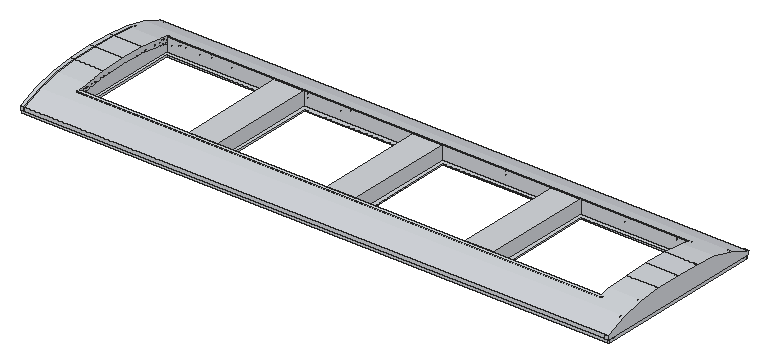
Revit family "Gira_0214327", category Electrical Fixtures, host Face, Revit 2017
Family settings
  Host = Face
  Maintain Annotation Orientation = No
  Round Connector Dimension = Use Diameter
  Part Type = Normal
  Cut with Voids When Loaded = No
  Shared = No
  Room Calculation Point = No
Parameters (values of type "Abdeckrahmen 4f Zwischenr. RW Gira Event Reinweiß m")
  Werkstoffgüte = "Thermoplast"
  Werkstoff = "Kunststoff"
  URL = "http://katalog.gira.de/de_DE/datenblatt.html?artikelnr=0214327"
  Transparent = "No"
  Textfeld/Beschriftungsfläche = "No"
  Schutzart (IP) = "IP20"
  Region = "DE"
  Oberfläche = "sonstige"
  Name = "Abdeckrahmen 4f Zwischenr. RW Gira Event Reinweiß m"
  Montagerichtung = "horizontal und vertikal"
  Mit Montagerahmen = "No"
  Mit Klappdeckel = "No"
  Manufacturer URL = "https://www.gira.de/"
  Keynote = "Event_Rahmen_4fach"
  HeinzeBIM = "https://bimportal.heinze.de/bim/abdeckrahmen-4f-zwischenr-rw-gira-event-reinweiss-m/ccef12a9f096cbb054536570f76f1c0a98bb3245"
  Halogenfrei = "Yes"
  HAN = "0214327"
  Geeignet für Unterputz-Installation = "Yes"
  Geeignet für Unterflurkanaldose = "No"
  Geeignet für Geräteeinbaukanal = "No"
  Geeignet für Einbauinstallation = "No"
  GTIN = "4010337074199"
  Farbe = "weiß"
  Default Elevation = 1219.2 mm
  Data sheet (1) = "https://katalog.gira.de/de_DE/download.html?artikelnr=0214327"
  Category = "Abdeckrahmen"
  Befestigungsart = "Klemmbefestigung"
  Available = "Yes"
  Anzahl der Einheiten vertikal = "4 "
  Anzahl der Einheiten horizontal = "4 "
  Anzahl der Einheiten = "4 "
Reference planes
  plane 1 "Center (Front/Back)": y = 0
  plane 2: z = 0
  plane 3 "Center (Left/Right)": x = 0
Forms (mm)
  Extrusion 1, solid, detail levels fine
    sketch origin (0, 0, 0.05) x (0, 1, 0) y (0, 0, 1)
      loop
        arc (12.445, 9.683) -> (6.223, 9.833) -> (0, 9.85) r 291.636
        arc (0, 9.85) -> (-6.223, 9.833) -> (-12.445, 9.683) r 291.636
        arc (-12.445, 9.683) -> (-29.14, 7.482) -> (-45, 1.823) r 79.728
        line (-45, 1.823) -> (-45, -0.05) -> (-42.086, -0.05)
        arc (-42.086, -0.05) -> (-21.385, 5.559) -> (0, 7.206) r 114.424
        arc (0, 7.206) -> (21.385, 5.559) -> (42.086, -0.05) r 114.424
        line (42.086, -0.05) -> (45, -0.05) -> (45, 1.823)
        arc (45, 1.823) -> (29.14, 7.482) -> (12.445, 9.683) r 79.728
    from -151.95 to 151.935
  Extrusion 2, void, detail levels fine
    sketch origin (0, 0, 0) x (1, 0, 0) y (0, 1, 0)
      loop
        line (134.95, 28.035) -> (-134.95, 28.035) -> (-134.95, -28.035) -> (134.95, -28.035) -> (134.95, 28.035)
    from 0.724 to 11
  Extrusion 3, solid, detail levels coarse
    sketch origin (0, 0, 0) x (1, 0, 0) y (0, 1, 0)
      loop
        line (-151.95, 45) -> (-151.95, -45) -> (151.935, -45) -> (151.935, 45) -> (-151.95, 45)
    from -1.5 to 9.9
  Extrusion 4, solid, detail levels medium
    sketch origin (0, 0, 0.05) x (0, 1, 0) y (0, 0, 1)
      loop
        arc (12.445, 9.683) -> (6.223, 9.833) -> (0, 9.85) r 291.636
        arc (0, 9.85) -> (-6.223, 9.833) -> (-12.445, 9.683) r 291.636
        arc (-12.445, 9.683) -> (-29.14, 7.482) -> (-45, 1.823) r 79.728
        line (-45, 1.823) -> (-45, -0.05) -> (45, -0.05) -> (45, 1.823)
        arc (45, 1.823) -> (29.14, 7.482) -> (12.445, 9.683) r 79.728
    from -151.95 to 151.935
  Extrusion 5, solid, detail levels fine
    sketch origin (-106.95, 0, -1.5) x (0, 1, 0) y (0, 0, -1)
      loop
        line (45, -3.373) -> (45, -1.5) -> (-45, -1.5) -> (-45, -3.373)
        arc (-45, -3.373) -> (-29.14, -9.032) -> (-12.445, -11.233) r 79.728
        arc (-12.445, -11.233) -> (-6.223, -11.383) -> (0, -11.4) r 291.636
        arc (0, -11.4) -> (6.223, -11.383) -> (12.445, -11.233) r 291.636
        arc (12.445, -11.233) -> (29.14, -9.032) -> (45, -3.373) r 79.728
    from 43 to 45
  Extrusion 6, solid, detail levels fine
    sketch origin (0, 0, 0) x (1, 0, 0) y (0, 1, 0)
      loop
        line (-132.85, 25.7) -> (-132.85, -25.7) -> (-81.05, -25.7) -> (-81.05, 25.7) -> (-132.85, 25.7)
      loop
        line (-9.755, -25.7) -> (-9.755, 25.7) -> (-61.555, 25.7) -> (-61.555, -25.7) -> (-9.755, -25.7)
      loop
        line (-135.845, 28.49) -> (-135.845, -28.495)
        spline (-135.845, -28.495) -> (-135.836, -28.625) -> (-135.811, -28.754) -> (-135.769, -28.878) -> (-135.711, -28.995) -> (-135.638, -29.104) -> (-135.552, -29.202) -> (-135.454, -29.288) -> (-135.345, -29.361) -> (-135.228, -29.419) -> (-135.104, -29.461) -> (-134.975, -29.486) -> (-134.845, -29.495)
        line (-134.845, -29.495) -> (134.845, -29.495)
        spline (134.845, -29.495) -> (134.975, -29.486) -> (135.104, -29.461) -> (135.228, -29.419) -> (135.345, -29.361) -> (135.454, -29.288) -> (135.552, -29.202) -> (135.638, -29.104) -> (135.711, -28.995) -> (135.769, -28.878) -> (135.811, -28.754) -> (135.836, -28.625) -> (135.845, -28.495)
        line (135.845, -28.495) -> (135.845, 28.49)
        spline (135.845, 28.49) -> (135.836, 28.62) -> (135.811, 28.748) -> (135.769, 28.872) -> (135.711, 28.99) -> (135.638, 29.098) -> (135.552, 29.197) -> (135.454, 29.283) -> (135.345, 29.356) -> (135.228, 29.413) -> (135.104, 29.456) -> (134.975, 29.481) -> (134.845, 29.49)
        line (134.845, 29.49) -> (-134.845, 29.49)
        spline (-134.845, 29.49) -> (-134.975, 29.481) -> (-135.104, 29.456) -> (-135.228, 29.413) -> (-135.345, 29.356) -> (-135.454, 29.283) -> (-135.552, 29.197) -> (-135.638, 29.098) -> (-135.711, 28.99) -> (-135.769, 28.872) -> (-135.811, 28.748) -> (-135.836, 28.62) -> (-135.845, 28.49)
      loop
        line (61.545, -25.7) -> (61.545, 25.7) -> (9.745, 25.7) -> (9.745, -25.7) -> (61.545, -25.7)
      loop
        line (132.85, -25.7) -> (132.85, 25.7) -> (81.05, 25.7) -> (81.05, -25.7) -> (132.85, -25.7)
    from 0.1 to 7.3
  Extrusion 7, solid
    sketch origin (0, 0, 0) x (1, 0, 0) y (0, 1, 0)
      loop
        arc (-151.65, -44.218) -> (-151.504, -44.572) -> (-151.15, -44.718) r 0.5
        line (-151.15, -44.718) -> (151.15, -44.718)
        arc (151.15, -44.718) -> (151.504, -44.572) -> (151.65, -44.218) r 0.5
        line (151.65, -44.218) -> (151.65, 44.182)
        arc (151.65, 44.182) -> (151.504, 44.535) -> (151.15, 44.682) r 0.5
        line (151.15, 44.682) -> (-151.15, 44.682)
        arc (-151.15, 44.682) -> (-151.504, 44.535) -> (-151.65, 44.182) r 0.5
        line (-151.65, 44.182) -> (-151.65, -44.218)
      loop
        line (-149.95, 42.982) -> (-149.95, -43.018) -> (149.95, -43.018) -> (149.95, 42.982) -> (-149.95, 42.982)
    from -1.5 to 0.5
  Extrusion 8, solid, detail levels fine
    sketch origin (106.935, 0, -1.5) x (0, 1, 0) y (0, 0, 1)
      loop
        arc (45, 3.373) -> (29.14, 9.032) -> (12.445, 11.233) r 79.728
        arc (12.445, 11.233) -> (6.223, 11.383) -> (0, 11.4) r 291.636
        arc (0, 11.4) -> (-6.223, 11.383) -> (-12.445, 11.233) r 291.636
        arc (-12.445, 11.233) -> (-29.14, 9.032) -> (-45, 3.373) r 79.728
        line (-45, 3.373) -> (-45, 1.5) -> (45, 1.5) -> (45, 3.373)
    from 43 to 45
  Extrusion 9, solid, detail levels medium
    sketch origin (0, 0, 0) x (1, 0, 0) y (0, 1, 0)
      loop
        line (-151.65, -44.718) -> (151.65, -44.718) -> (151.65, 44.682) -> (-151.65, 44.682) -> (-151.65, -44.718)
    from -1.5 to 0.5
  Extrusion 10, solid, detail levels fine
    sketch origin (-69.857, 0, 0) x (1, 0, 0) y (0, 1, 0)
      loop
        line (-8.943, 28.063) -> (-8.943, -27.937) -> (6.057, -27.937) -> (6.057, 28.063) -> (-8.943, 28.063)
    from 0.724 to 7.566
  Extrusion 11, solid, detail levels fine
    sketch origin (-1.443, 0, 0) x (-1, 0, 0) y (0, -1, 0)
      loop
        line (-8.943, -28.063) -> (6.057, -28.063) -> (6.057, 27.937) -> (-8.943, 27.937) -> (-8.943, -28.063)
    from 0.724 to 7.566
  Extrusion 12, solid, detail levels fine
    sketch origin (69.857, 0, 0) x (-1, 0, 0) y (0, -1, 0)
      loop
        line (-8.943, -28.063) -> (6.057, -28.063) -> (6.057, 27.937) -> (-8.943, 27.937) -> (-8.943, -28.063)
    from 0.724 to 7.566
Cuts and joins
  Extrusion 2 cuts Extrusion 1
  Extrusion 2 cuts Extrusion 6
Dimensions and locks
  aligned and locked: plane 2 to host face
  aligned and locked: level to host face
